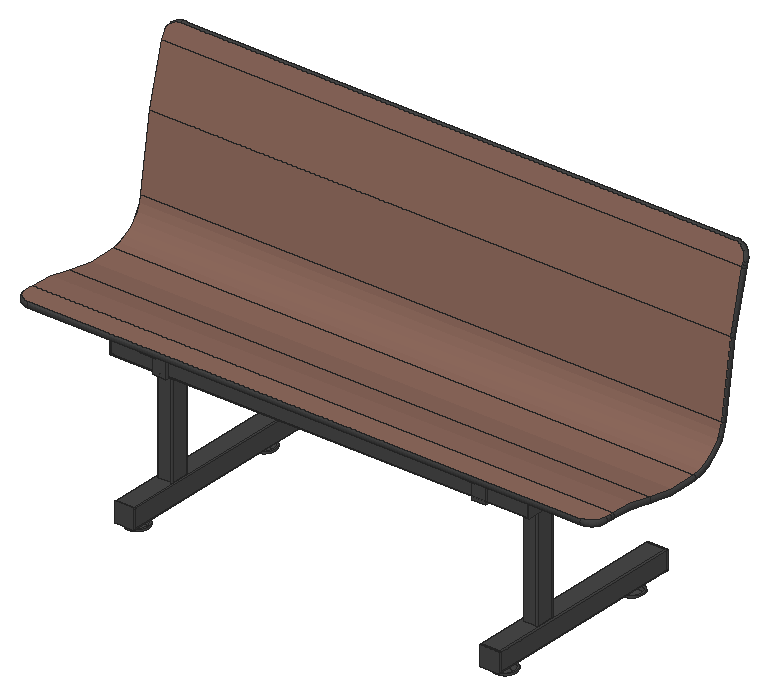
Revit family "Plymold-Contour-Freestanding_Bench", category Furniture, Revit 2022
Family settings
  OmniClass Number = 23.40.20.00
  OmniClass Title = General Furniture and Specialties
  Work Plane-Based = No
  Always vertical = Yes
  Cut with Voids When Loaded = No
  Render Appearance Source = Family Geometry
  Shared = No
  Room Calculation Point = No
Parameters (values of type "CBFR059")
  Width = 59"
  URL = "https://plymold.com/"
  Type Comments = "Contour"  # constant formula
  Sustainability = "https://plymold.com/plymolds-sustainability-efforts/"
  Support Finish = PLY - Onyx Black Powdercoat
  Seat Finish = PLY - Wood Mahogany
  Revit File Built By = "https://servex-us.com/servex-revit/"
  Product Documentation Link = "https://plymold.com/product/contour-freestanding-bench/"
  Model = "CBFR059"
  Manufacturer = "Plymold"  # constant formula
  Keynote = "12500"  # constant formula
  Height = 36"
  Glides Finish = PLY - Plastic Black
  Frame Finish = PLY - Onyx Black Powdercoat
  Description = "Contour Freestanding Bench Un - 59\"W x 20 1/2\"D x 36\"H"
  Depth = 20 1/2"
  Default Elevation = 0"
  Cap Finish = PLY - Plastic Black
  Assembly Code = "E2020200"
Types (3): name | Width | Model | Description
  CBFR042 | 42" | "CBFR042" | "Contour Freestanding Bench Un - 42\"W x 20 1/2\"D x 36\"H"
  CBFR047 | 47" | "CBFR047" | "Contour Freestanding Bench Un - 47\"W x 20 1/2\"D x 36\"H"
  CBFR059 | 59" | "CBFR059" | "Contour Freestanding Bench Un - 59\"W x 20 1/2\"D x 36\"H"
Reference planes (in)
  plane 1 "Center Front/Back": y = 0
  plane 2: z = 0
  plane 3 "Center Left/Right": x = 0
  plane 4: x = -29.5
  plane 5: x = 29.5
  plane 6: z = 36
  plane 7: y = 10.25
  plane 8: y = -10.25
  plane 9: y = 11.43856
  plane 10: y = -9.56144
  plane 11: y = -9.68644
  plane 12: y = 11.56356
  plane 13: z = 14.5
  plane 14: z = 14.25
  plane 15: x = 21.00113
  plane 16: x = -21.24887
  plane 17: y = -0.46744
  plane 18: y = -6.65494
  plane 19: y = -8.36395
  plane 20: y = -9.73703
  plane 21: z = 2.5
  plane 22: x = -21.35887
  plane 23: x = 21.11113
Forms (in)
  Extrusion 1, solid, material "PLY - Onyx Black Powdercoat" <- "Frame Finish"
    sketch origin (0, 0, 0) x (1, 0, 0) y (0, 0, 1)
      loop
        arc (-19.52613, 2.5) -> (-19.59684, 2.47071) -> (-19.62613, 2.4) r 0.1
        line (-19.62613, 2.4) -> (-19.62613, 0.6)
        arc (-19.62613, 0.6) -> (-19.59684, 0.52929) -> (-19.52613, 0.5) r 0.1
        line (-19.52613, 0.5) -> (-17.72613, 0.5)
        arc (-17.72613, 0.5) -> (-17.65542, 0.52929) -> (-17.62613, 0.6) r 0.1
        line (-17.62613, 0.6) -> (-17.62613, 2.4)
        arc (-17.62613, 2.4) -> (-17.65542, 2.47071) -> (-17.72613, 2.5) r 0.1
        line (-17.72613, 2.5) -> (-19.52613, 2.5)
      loop
        line (19.27839, 2.5) -> (17.47839, 2.5)
        arc (17.47839, 2.5) -> (17.40768, 2.47071) -> (17.37839, 2.4) r 0.1
        line (17.37839, 2.4) -> (17.37839, 0.6)
        arc (17.37839, 0.6) -> (17.40768, 0.52929) -> (17.47839, 0.5) r 0.1
        line (17.47839, 0.5) -> (19.27839, 0.5)
        arc (19.27839, 0.5) -> (19.34911, 0.52929) -> (19.37839, 0.6) r 0.1
        line (19.37839, 0.6) -> (19.37839, 2.4)
        arc (19.37839, 2.4) -> (19.34911, 2.47071) -> (19.27839, 2.5) r 0.1
    from -11.43856 to 9.56144
  Extrusion 2, solid, material "PLY - Plastic Black" <- "Cap Finish"
    sketch origin (0, 0, 0) x (1, 0, 0) y (0, 0, 1)
      loop
        arc (-19.53613, 2.5) -> (-19.59977, 2.47364) -> (-19.62613, 2.41) r 0.09
        line (-19.62613, 2.41) -> (-19.62613, 0.59)
        arc (-19.62613, 0.59) -> (-19.59977, 0.52636) -> (-19.53613, 0.5) r 0.09
        line (-19.53613, 0.5) -> (-17.71613, 0.5)
        arc (-17.71613, 0.5) -> (-17.65249, 0.52636) -> (-17.62613, 0.59) r 0.09
        line (-17.62613, 0.59) -> (-17.62613, 2.41)
        arc (-17.62613, 2.41) -> (-17.65249, 2.47364) -> (-17.71613, 2.5) r 0.09
        line (-17.71613, 2.5) -> (-19.53613, 2.5)
      loop
        line (19.28839, 2.5) -> (17.46839, 2.5)
        arc (17.46839, 2.5) -> (17.40475, 2.47364) -> (17.37839, 2.41) r 0.09
        line (17.37839, 2.41) -> (17.37839, 0.59)
        arc (17.37839, 0.59) -> (17.40475, 0.52636) -> (17.46839, 0.5) r 0.09
        line (17.46839, 0.5) -> (19.28839, 0.5)
        arc (19.28839, 0.5) -> (19.35203, 0.52636) -> (19.37839, 0.59) r 0.09
        line (19.37839, 0.59) -> (19.37839, 2.41)
        arc (19.37839, 2.41) -> (19.35203, 2.47364) -> (19.28839, 2.5) r 0.09
    from 9.56144 to 9.68644
  Extrusion 3, solid, material "PLY - Plastic Black" <- "Cap Finish"
    sketch origin (0, 16, 0) x (1, 0, 0) y (0, 0, 1)
      loop
        arc (-19.53613, 2.5) -> (-19.59977, 2.47364) -> (-19.62613, 2.41) r 0.09
        line (-19.62613, 2.41) -> (-19.62613, 0.59)
        arc (-19.62613, 0.59) -> (-19.59977, 0.52636) -> (-19.53613, 0.5) r 0.09
        line (-19.53613, 0.5) -> (-17.71613, 0.5)
        arc (-17.71613, 0.5) -> (-17.65249, 0.52636) -> (-17.62613, 0.59) r 0.09
        line (-17.62613, 0.59) -> (-17.62613, 2.41)
        arc (-17.62613, 2.41) -> (-17.65249, 2.47364) -> (-17.71613, 2.5) r 0.09
        line (-17.71613, 2.5) -> (-19.53613, 2.5)
      loop
        line (19.28839, 2.5) -> (17.46839, 2.5)
        arc (17.46839, 2.5) -> (17.40475, 2.47364) -> (17.37839, 2.41) r 0.09
        line (17.37839, 2.41) -> (17.37839, 0.59)
        arc (17.37839, 0.59) -> (17.40475, 0.52636) -> (17.46839, 0.5) r 0.09
        line (17.46839, 0.5) -> (19.28839, 0.5)
        arc (19.28839, 0.5) -> (19.35203, 0.52636) -> (19.37839, 0.59) r 0.09
        line (19.37839, 0.59) -> (19.37839, 2.41)
        arc (19.37839, 2.41) -> (19.35203, 2.47364) -> (19.28839, 2.5) r 0.09
    from 4.43644 to 4.56144
  Extrusion 4, solid, material "PLY - Onyx Black Powdercoat" <- "Frame Finish"
    sketch origin (0, 0, 0) x (1, 0, 0) y (0, 1, 0)
      loop
        arc (-20.75113, -0.43644) -> (-20.83952, -0.47305) -> (-20.87613, -0.56144) r 0.125
        line (-20.87613, -0.56144) -> (-20.87613, -6.56144)
        arc (-20.87613, -6.56144) -> (-20.83952, -6.64982) -> (-20.75113, -6.68644) r 0.125
        line (-20.75113, -6.68644) -> (-16.50113, -6.68644)
        arc (-16.50113, -6.68644) -> (-16.41274, -6.64982) -> (-16.37613, -6.56144) r 0.125
        line (-16.37613, -6.56144) -> (-16.37613, -0.56144)
        arc (-16.37613, -0.56144) -> (-16.41274, -0.47305) -> (-16.50113, -0.43644) r 0.125
        line (-16.50113, -0.43644) -> (-20.75113, -0.43644)
      loop
        line (20.50339, -0.43644) -> (16.25339, -0.43644)
        arc (16.25339, -0.43644) -> (16.16501, -0.47305) -> (16.12839, -0.56144) r 0.125
        line (16.12839, -0.56144) -> (16.12839, -6.56144)
        arc (16.12839, -6.56144) -> (16.16501, -6.64982) -> (16.25339, -6.68644) r 0.125
        line (16.25339, -6.68644) -> (20.50339, -6.68644)
        arc (20.50339, -6.68644) -> (20.59178, -6.64982) -> (20.62839, -6.56144) r 0.125
        line (20.62839, -6.56144) -> (20.62839, -0.56144)
        arc (20.62839, -0.56144) -> (20.59178, -0.47305) -> (20.50339, -0.43644) r 0.125
    from 14.25 to 14.5
  Extrusion 5, solid, material "PLY - Onyx Black Powdercoat" <- "Frame Finish"
    sketch origin (0, 0, 0) x (1, 0, 0) y (0, 0, 1)
      loop
        line (-20.99887, 15.83274) -> (-20.99887, 14.75)
        arc (-20.99887, 14.75) -> (-20.92711, 14.57336) -> (-20.75113, 14.5) r 0.24775
        line (-20.75113, 14.5) -> (-16.50113, 14.5)
        arc (-16.50113, 14.5) -> (-16.32515, 14.57336) -> (-16.25339, 14.75) r 0.24775
        line (-16.25339, 14.75) -> (-16.25339, 15.83274) -> (-16.37839, 15.83274) -> (-16.37839, 14.75)
        arc (-16.37839, 14.75) -> (-16.415, 14.66161) -> (-16.50339, 14.625) r 0.125
        line (-16.50339, 14.625) -> (-20.74887, 14.625)
        arc (-20.74887, 14.625) -> (-20.83726, 14.66161) -> (-20.87387, 14.75) r 0.125
        line (-20.87387, 14.75) -> (-20.87387, 15.83274) -> (-20.99887, 15.83274)
      loop
        line (16.00566, 15.83274) -> (16.00566, 14.75)
        arc (16.00566, 14.75) -> (16.07742, 14.57336) -> (16.25339, 14.5) r 0.24775
        line (16.25339, 14.5) -> (20.50339, 14.5)
        arc (20.50339, 14.5) -> (20.67937, 14.57336) -> (20.75113, 14.75) r 0.24775
        line (20.75113, 14.75) -> (20.75113, 15.83274) -> (20.62613, 15.83274) -> (20.62613, 14.75)
        arc (20.62613, 14.75) -> (20.58952, 14.66161) -> (20.50113, 14.625) r 0.125
        line (20.50113, 14.625) -> (16.25566, 14.625)
        arc (16.25566, 14.625) -> (16.16727, 14.66161) -> (16.13066, 14.75) r 0.125
        line (16.13066, 14.75) -> (16.13066, 15.83274) -> (16.00566, 15.83274)
    from 0.46794 to 6.65494
  Extrusion 6, solid, material "PLY - Onyx Black Powdercoat" <- "Frame Finish"
    sketch origin (0, 0, 0) x (1, 0, 0) y (0, 0, 1)
      loop
        arc (-0.74887, 16) -> (-0.83726, 15.96339) -> (-0.87387, 15.875) r 0.125
        line (-0.87387, 15.875) -> (-0.87387, 14.625)
        arc (-0.87387, 14.625) -> (-0.83726, 14.53661) -> (-0.74887, 14.5) r 0.125
        line (-0.74887, 14.5) -> (0.50113, 14.5)
        arc (0.50113, 14.5) -> (0.58952, 14.53661) -> (0.62613, 14.625) r 0.125
        line (0.62613, 14.625) -> (0.62613, 15.875)
        arc (0.62613, 15.875) -> (0.58952, 15.96339) -> (0.50113, 16) r 0.125
        line (0.50113, 16) -> (-0.74887, 16)
    from 0.46744 to 6.65494
  Extrusion 7, solid, material "PLY - Onyx Black Powdercoat" <- "Frame Finish"
    sketch origin (0, 0, 0) x (0, 1, 0) y (0, 0, 1)
      loop
        line (0.90644, 16.00127) -> (-0.34244, 16.00127)
        arc (-0.34244, 16.00127) -> (-0.43082, 15.96466) -> (-0.46744, 15.87627) r 0.125
        line (-0.46744, 15.87627) -> (-0.46744, 14.6)
        arc (-0.46744, 14.6) -> (-0.43815, 14.52929) -> (-0.36744, 14.5) r 0.1
        line (-0.36744, 14.5) -> (0.93194, 14.5)
        arc (0.93194, 14.5) -> (1.00274, 14.52932) -> (1.03206, 14.60012) r 0.10012
        line (1.03206, 14.60012) -> (1.03206, 15.87564)
        arc (1.03206, 15.87564) -> (0.99527, 15.96447) -> (0.90644, 16.00127) r 0.12563
      loop
        line (-6.77994, 16) -> (-8.02994, 16)
        arc (-8.02994, 16) -> (-8.11832, 15.96339) -> (-8.15494, 15.875) r 0.125
        line (-8.15494, 15.875) -> (-8.15494, 14.6)
        arc (-8.15494, 14.6) -> (-8.12565, 14.52929) -> (-8.05494, 14.5) r 0.1
        line (-8.05494, 14.5) -> (-6.75494, 14.5)
        arc (-6.75494, 14.5) -> (-6.68423, 14.52929) -> (-6.65494, 14.6) r 0.1
        line (-6.65494, 14.6) -> (-6.65494, 15.875)
        arc (-6.65494, 15.875) -> (-6.69155, 15.96339) -> (-6.77994, 16) r 0.125
    from -21.24887 to 21.00113
  Extrusion 8, solid, material "PLY - Onyx Black Powdercoat" <- "Frame Finish"
    sketch origin (0, 0, 0) x (1, 0, 0) y (0, 1, 0)
      loop
        arc (-19.22363, -2.55794) -> (-19.33394, -2.60363) -> (-19.37963, -2.71394) r 0.156
        line (-19.37963, -2.71394) -> (-19.37963, -4.40894)
        arc (-19.37963, -4.40894) -> (-19.33394, -4.51924) -> (-19.22363, -4.56494) r 0.156
        line (-19.22363, -4.56494) -> (-18.02863, -4.56494)
        arc (-18.02863, -4.56494) -> (-17.91832, -4.51924) -> (-17.87263, -4.40894) r 0.156
        line (-17.87263, -4.40894) -> (-17.87263, -2.71394)
        arc (-17.87263, -2.71394) -> (-17.91832, -2.60363) -> (-18.02863, -2.55794) r 0.156
        line (-18.02863, -2.55794) -> (-19.22363, -2.55794)
      loop
        line (18.97589, -2.55794) -> (17.78089, -2.55794)
        arc (17.78089, -2.55794) -> (17.67059, -2.60363) -> (17.62489, -2.71394) r 0.156
        line (17.62489, -2.71394) -> (17.62489, -4.40894)
        arc (17.62489, -4.40894) -> (17.67059, -4.51924) -> (17.78089, -4.56494) r 0.156
        line (17.78089, -4.56494) -> (18.97589, -4.56494)
        arc (18.97589, -4.56494) -> (19.0862, -4.51924) -> (19.13189, -4.40894) r 0.156
        line (19.13189, -4.40894) -> (19.13189, -2.71394)
        arc (19.13189, -2.71394) -> (19.0862, -2.60363) -> (18.97589, -2.55794) r 0.156
    from 2.5 to 14.25
  Extrusion 9, solid, material "PLY - Plastic Black" <- "Cap Finish"
    sketch origin (0, 0, 0) x (0, 1, 0) y (0, 0, 1)
      loop
        line (0.93039, 16.00127) -> (-0.3585, 16.00127)
        arc (-0.3585, 16.00127) -> (-0.43553, 15.96936) -> (-0.46744, 15.89233) r 0.10894
        line (-0.46744, 15.89233) -> (-0.46744, 14.59972)
        arc (-0.46744, 14.59972) -> (-0.43823, 14.52921) -> (-0.36771, 14.5) r 0.09972
        line (-0.36771, 14.5) -> (0.93184, 14.5)
        arc (0.93184, 14.5) -> (1.00271, 14.52936) -> (1.03206, 14.60023) r 0.10023
        line (1.03206, 14.60023) -> (1.03206, 15.8996)
        arc (1.03206, 15.8996) -> (1.00229, 15.97149) -> (0.93039, 16.00127) r 0.10167
      loop
        arc (-8.05327, 16.00127) -> (-8.12516, 15.97149) -> (-8.15494, 15.8996) r 0.10167
        line (-8.15494, 15.8996) -> (-8.15494, 14.60023)
        arc (-8.15494, 14.60023) -> (-8.12558, 14.52936) -> (-8.05471, 14.5) r 0.10023
        line (-8.05471, 14.5) -> (-6.75516, 14.5)
        arc (-6.75516, 14.5) -> (-6.68464, 14.52921) -> (-6.65544, 14.59972) r 0.09972
        line (-6.65544, 14.59972) -> (-6.65544, 15.89233)
        arc (-6.65544, 15.89233) -> (-6.68734, 15.96936) -> (-6.76437, 16.00127) r 0.10894
        line (-6.76437, 16.00127) -> (-8.05327, 16.00127)
    from -21.24887 to -21.35887
  Extrusion 10, solid, material "PLY - Plastic Black" <- "Cap Finish"
    sketch origin (0, 0, 0) x (0, 1, 0) y (0, 0, -1)
      loop
        arc (0.93039, -16.00127) -> (1.00229, -15.97149) -> (1.03206, -15.8996) r 0.10167
        line (1.03206, -15.8996) -> (1.03206, -14.60023)
        arc (1.03206, -14.60023) -> (1.00271, -14.52936) -> (0.93184, -14.5) r 0.10023
        line (0.93184, -14.5) -> (-0.36771, -14.5)
        arc (-0.36771, -14.5) -> (-0.43823, -14.52921) -> (-0.46744, -14.59972) r 0.09972
        line (-0.46744, -14.59972) -> (-0.46744, -15.89233)
        arc (-0.46744, -15.89233) -> (-0.43553, -15.96936) -> (-0.3585, -16.00127) r 0.10894
        line (-0.3585, -16.00127) -> (0.93039, -16.00127)
      loop
        line (-8.05327, -16.00127) -> (-6.76437, -16.00127)
        arc (-6.76437, -16.00127) -> (-6.68734, -15.96936) -> (-6.65544, -15.89233) r 0.10894
        line (-6.65544, -15.89233) -> (-6.65544, -14.59972)
        arc (-6.65544, -14.59972) -> (-6.68464, -14.52921) -> (-6.75516, -14.5) r 0.09972
        line (-6.75516, -14.5) -> (-8.05471, -14.5)
        arc (-8.05471, -14.5) -> (-8.12558, -14.52936) -> (-8.15494, -14.60023) r 0.10023
        line (-8.15494, -14.60023) -> (-8.15494, -15.8996)
        arc (-8.15494, -15.8996) -> (-8.12516, -15.97149) -> (-8.05327, -16.00127) r 0.10167
    from -21.00113 to -21.11113
Lines and regions (in)
  symbolic lines
    curve 1: line (-19.62613, 11.56356, 0) -> (-19.62613, 9.68024, 0)
    curve 2: line (-17.62613, 11.56356, 0) -> (-17.62613, 9.68024, 0)
    curve 3: line (-19.62613, 11.56356, 0) -> (-17.62613, 11.56356, 0)
    curve 4: line (17.37839, 11.56356, 0) -> (17.37839, 9.68024, 0)
    curve 5: line (19.37839, 11.56356, 0) -> (19.37839, 9.68024, 0)
    curve 6: line (17.37839, 11.56356, 0) -> (19.37839, 11.56356, 0)
    curve 7: line (19.37839, 11.43856, 0) -> (17.37839, 11.43856, 0)
    curve 8: line (-17.62613, 11.43856, 0) -> (-19.62613, 11.43856, 0)
  symbolic lines, style "FurnitureHiddenLines", detail levels medium+fine
    curve 9: line (-19.62613, 9.68024, 0) -> (-19.62613, -9.68644, 0)
    curve 10: line (-19.62613, -9.68644, 0) -> (-17.62613, -9.68644, 0)
    curve 11: line (-17.62613, -9.68644, 0) -> (-17.62613, 9.68024, 0)
    curve 12: line (-21.35887, 1.03206, 0) -> (21.11113, 1.03206, 0)
    curve 13: line (21.11113, -0.46744, 0) -> (21.11113, 1.03206, 0)
    curve 14: line (21.11113, -0.46744, 0) -> (-21.35887, -0.46744, 0)
    curve 15: line (-21.35887, -0.46744, 0) -> (-21.35887, 1.03206, 0)
    curve 16: line (-21.35887, -6.65544, 0) -> (-21.35887, -8.15494, 0)
    curve 17: line (-21.35887, -8.15494, 0) -> (21.11113, -8.15494, 0)
    curve 18: line (21.11113, -8.15494, 0) -> (21.11113, -6.65544, 0)
    curve 19: line (21.11113, -6.65544, 0) -> (-21.35887, -6.65544, 0)
    curve 20: line (-0.87387, -0.46744, 0) -> (-0.87387, -6.65544, 0)
    curve 21: line (0.62613, -0.46744, 0) -> (0.62613, -6.65544, 0)
    curve 22: line (17.37839, 9.68024, 0) -> (17.37839, -9.68644, 0)
    curve 23: line (17.37839, -9.68644, 0) -> (19.37839, -9.68644, 0)
    curve 24: line (19.37839, -9.68644, 0) -> (19.37839, 9.68024, 0)
Dimensions and locks (in)
  "Height": plane 6 to plane 2
  equal spacing: plane 8, plane 1 "Center Front/Back", plane 7
  "Depth": plane 7 to plane 8
  equal spacing: plane 4, plane 3 "Center Left/Right", plane 5
  "Width": plane 4 to plane 5
  Extrusion 1 sketch curve to Extrusion 1 sketch curve to plane 4 = 1.8" locked, 9.97387" locked  (x2)
  Extrusion 1 sketch curve to Extrusion 1 sketch curve to plane 2 = 1.8" locked, 0.6" locked  (x3)
  locked: plane 9 to plane 7 at 1.18856
  plane 10 to plane 11 to plane 8 = 1/8" locked, 0.56356" locked
  plane 4 to Extrusion 2 sketch curve to Extrusion 2 sketch curve = 9.96387" locked, 1.82" locked  (x2)
  Extrusion 2 sketch curve to Extrusion 2 sketch curve to plane 2 = 1.82" locked, 0.59" locked  (x4)
  plane 4 to Extrusion 3 sketch curve to Extrusion 3 sketch curve = 9.96387" locked, 1.82" locked
  Extrusion 3 sketch curve to Extrusion 3 sketch curve to plane 4 = 1.82" locked, 9.96387" locked
  Extrusion 3 sketch curve to Extrusion 3 sketch curve to plane 2 = 1.82" locked, 0.59" locked  (x2)
  plane 2 to Extrusion 3 sketch curve to Extrusion 3 sketch curve = 0.59" locked, 1.82" locked
  Extrusion 4 sketch curve to Extrusion 4 sketch curve to plane 5 = 4 1/4" locked, 8.99661" locked  (x2)
  Extrusion 4 sketch curve to Extrusion 4 sketch curve to plane 1 "Center Front/Back" = 6" locked, 0.56144" locked  (x4)
  plane 4 to Extrusion 4 sketch curve to Extrusion 4 sketch curve = 8.74887" locked, 4 1/4" locked  (x2)
  Extrusion 2 sketch curve to Extrusion 2 sketch curve to plane 5 = 1.82" locked, 10.21161" locked  (x2)
  Extrusion 1 sketch curve to Extrusion 1 sketch curve to plane 5 = 1.8" locked, 10.22161" locked  (x2)
  plane 2 to Extrusion 1 sketch curve to Extrusion 1 sketch curve = 0.6" locked, 1.8" locked
  Extrusion 3 sketch curve to Extrusion 3 sketch curve to plane 5 = 1.82" locked, 10.21161" locked  (x2)
  Extrusion 3 sketch curve to Extrusion 3 sketch curve to plane 2 = 1.82" locked, 0.59"
  Extrusion 5 sketch curve to Extrusion 5 sketch curve to Extrusion 5 sketch curve to plane 2 = 1.08274" locked, 0.00225" locked, 14.74775" locked  (x4)
  Extrusion 5 sketch curve to Extrusion 5 sketch curve to Extrusion 5 sketch curve to Extrusion 5 sketch curve to plane 4 = 0.00226" locked, 4.24548" locked, 0.00226" locked, 8.74887" locked
  Extrusion 5 sketch curve to Extrusion 5 sketch curve to Extrusion 5 sketch curve to Extrusion 5 sketch curve to plane 5 = 0.00226" locked, 4.24548" locked, 0.00226" locked, 8.99661" locked
  Extrusion 6 sketch curve to plane 3 "Center Left/Right" to Extrusion 6 sketch curve = 0.50113", 0.74887"
  Extrusion 6 sketch curve to plane 3 "Center Left/Right" to Extrusion 6 sketch curve = 0.50113" locked, 0.74887" locked
  Extrusion 6 sketch curve to Extrusion 6 sketch curve to plane 2 = 1 1/4" locked, 14 5/8" locked  (x2)
  Extrusion 7 sketch curve to plane 1 "Center Front/Back" to Extrusion 7 sketch curve to Extrusion 7 sketch curve to Extrusion 7 sketch curve = 0.93194" locked, 0.36744" locked, 6.3875" locked, 1.3" locked
  Extrusion 7 sketch curve to Extrusion 7 sketch curve to plane 2 = 1.27552" locked, 14.60012" locked
  locked: Extrusion 7 sketch curve to plane 2 at 14.6  (x2)
  Extrusion 7 sketch curve to Extrusion 7 sketch curve to plane 2 = 1.275" locked, 14.6" locked
  Extrusion 7 sketch curve to plane 1 "Center Front/Back" to Extrusion 7 sketch curve to Extrusion 7 sketch curve to Extrusion 7 sketch curve = 0.90644" locked, 0.34244" locked, 6 7/16" locked, 1 1/4" locked
  plane 1 "Center Front/Back" to plane 17 to plane 18 to plane 19 to plane 20 = 0.46744" locked, 6 3/16" locked, 1.70901", 1.37308" locked
  Extrusion 8 sketch curve to Extrusion 8 sketch curve to plane 5 = 1.195" locked, 10.52411" locked  (x2)
  Extrusion 8 sketch curve to Extrusion 8 sketch curve to plane 4 = 1.195" locked, 10.27637" locked  (x2)
  plane 13 to plane 14 to plane 21 to plane 2 = 1/4" locked, 11 3/4" locked, 2 1/2" locked
  Extrusion 9 sketch curve to Extrusion 9 sketch curve to Extrusion 9 sketch curve to plane 1 "Center Front/Back" to Extrusion 9 sketch curve = 1.28889", 6.40587", 0.3585", 0.93039"
  Extrusion 9 sketch curve to plane 1 "Center Front/Back" to Extrusion 9 sketch curve to Extrusion 9 sketch curve to Extrusion 9 sketch curve = 0.93184", 0.36771", 6.38745", 1.29955"
  Extrusion 9 sketch curve to Extrusion 9 sketch curve to plane 2 = 1.29937" locked, 14.60023" locked  (x2)
  Extrusion 9 sketch curve to Extrusion 9 sketch curve to plane 2 = 1.29261" locked, 14.59972" locked  (x2)
  Extrusion 10 sketch curve to Extrusion 10 sketch curve to Extrusion 10 sketch curve to plane 1 "Center Front/Back" to Extrusion 10 sketch curve = 1.28889", 6.40587", 0.3585", 0.93039"
  Extrusion 10 sketch curve to plane 1 "Center Front/Back" to Extrusion 10 sketch curve to Extrusion 10 sketch curve to Extrusion 10 sketch curve = 0.93184" locked, 0.36771" locked, 6.38745" locked, 1.29955" locked
  Extrusion 10 sketch curve to Extrusion 10 sketch curve to plane 2 = 1.29937" locked, 14.60023" locked  (x2)
  Extrusion 10 sketch curve to Extrusion 10 sketch curve to plane 2 = 1.29261" locked, 14.59972" locked
  Extrusion 10 sketch curve to Extrusion 10 sketch curve to plane 21 = 1.29261" locked, 12.09972" locked
  plane 15 to plane 23 to plane 5 = 0.11" locked, 8.38887" locked
  plane 4 to plane 22 to plane 16 = 8.14113" locked, 0.11" locked
  locked: nested 2 to plane 16 at 5.06387
  locked: plane 15 to nested 3 at 4.81613
  locked: nested 4 to plane 4 at 10.87387
  locked: nested 4 to plane 8 at 2.24856
  locked: nested 5 to plane 5 at 10.87387
  locked: plane 8 to nested 5 at 2.18406
  locked: plane 7 to nested 6 at 2.24856
  locked: nested 7 to plane 7 at 2.18406
  locked: plane 5 to nested 7 at 10.87387
  locked: plane 4 to nested 6 at 10.87387
  aligned and locked: plane 2 to level
  aligned and locked: plane 10 to Extrusion 1
  aligned and locked: Extrusion 1 to plane 9
  aligned and locked: Extrusion 2 to plane 10
  aligned and locked: plane 9 to Extrusion 3
  aligned and locked: Extrusion 3 to plane 12
  aligned and locked: plane 13 to Extrusion 4
  aligned and locked: Extrusion 4 to plane 14
  aligned and locked: Extrusion 5 sketch curve to plane 13  (x2)
  aligned and locked: Extrusion 6 sketch curve to plane 13
  aligned and locked: Extrusion 6 to plane 18
  aligned and locked: Extrusion 6 to plane 17
  aligned and locked: plane 17 to Extrusion 7 sketch curve
  aligned and locked: plane 18 to Extrusion 7 sketch curve
  aligned and locked: Extrusion 7 sketch curve to plane 13  (x2)
  aligned and locked: plane 15 to Extrusion 7
  aligned and locked: plane 16 to Extrusion 7
  aligned and locked: plane 14 to Extrusion 8
  aligned and locked: Extrusion 8 to plane 21
  aligned and locked: Extrusion 9 to plane 16
  aligned and locked: plane 22 to Extrusion 9
  aligned and locked: Extrusion 10 to plane 15
  aligned and locked: Extrusion 10 to plane 23
  aligned and locked: curve 1 to Extrusion 3
  aligned and locked: curve 2 to Extrusion 3
  aligned and locked: curve 4 to Extrusion 3
  aligned and locked: curve 5 to Extrusion 3
  aligned and locked: curve 6 to Extrusion 3
  aligned and locked: curve 7 to Extrusion 1
  aligned and locked: Extrusion 1 to curve 8
  aligned and locked: curve 11 to Extrusion 2
  aligned and locked: Extrusion 10 to curve 13
  aligned and locked: curve 20 to Extrusion 6
  aligned and locked: curve 14 to curve 21
  aligned and locked: curve 21 to Extrusion 6
  aligned and locked: plane 3 "Center Left/Right" to nested 1
  aligned and locked: plane 1 "Center Front/Back" to nested 1
Automatic sketch dimensions
  Extrusion 1 sketch curve to plane 21 = 0"  (x2)
  Extrusion 2 sketch curve to plane 21 = 0"  (x2)
  Extrusion 3 sketch curve to plane 21 = 0"  (x2)
  Extrusion 4 sketch curve to Extrusion 4 sketch curve = 1/8"  (x2)
  Extrusion 5 sketch curve to plane 16 = 3/8"
  Extrusion 5 sketch curve to Extrusion 5 sketch curve = 1/8"  (x4)
  Extrusion 5 sketch curve to Extrusion 5 sketch curve = 1/4"
  Extrusion 8 sketch curve to Extrusion 8 sketch curve = 0.156"  (x4)
  plane 18 to Extrusion 8 sketch curve = 2.09"  (x2)
  Extrusion 8 sketch curve to Extrusion 8 sketch curve = 1.695"  (x2)
  Extrusion 9 sketch curve to plane 17 = 0"
  Extrusion 9 sketch curve to plane 13 = 0"
  Extrusion 10 sketch curve to plane 17 = 0"
  Extrusion 10 sketch curve to plane 13 = 0"
  curve 19 to plane 22 = 0"
  curve 15 to plane 22 = 0"
  curve 10 to plane 11 = 0"
  curve 22 to plane 11 = 0"
  curve 18 to plane 23 = 0"
  plane 17 to curve 15 = 0"
  plane 12 to curve 2 = 0"
  curve 17 to plane 19 = 0.20901"
  curve 18 to plane 18 = 0.0005"
  curve 12 to plane 1 "Center Front/Back" = 1.03206"
  curve 2 to plane 7 = 0.56976"
  curve 1 to plane 7 = 0.56976"
  curve 22 to plane 7 = 0.56976"
  curve 5 to plane 7 = 0.56976"
Nested families (in)
  nested 1: "Seat" at (0, 0, 0), Width <- "Width", Seat Finish <- "Seat Finish", type "Seat"
    with Width 59", Seat Finish PLY - Wood Mahogany
  nested 2: "Support" at (-16.185, -9.73703, -0.19567), Support Finish <- "Support Finish", type "Support"
    with Support Finish PLY - Onyx Black Powdercoat
  nested 3: "Support" at (16.185, -9.73703, -0.19567) x (-1, 0, 0) z (0, 0, 1), Support Finish <- "Support Finish", type "Support"
    with Support Finish PLY - Onyx Black Powdercoat
  nested 4: "Glide" at (-18.62613, -8.00144, 0), Glides Finish <- "Glides Finish", type "Glide"
    with Glides Finish PLY - Plastic Black
  nested 5: "Glide" at (18.62613, -8.06594, 0), Glides Finish <- "Glides Finish", type "Glide"
    with Glides Finish PLY - Plastic Black
  nested 6: "Glide" at (-18.62613, 8.00144, 0), Glides Finish <- "Glides Finish", type "Glide"
    with Glides Finish PLY - Plastic Black
  nested 7: "Glide" at (18.62613, 8.06594, 0), Glides Finish <- "Glides Finish", type "Glide"
    with Glides Finish PLY - Plastic Black
Definition of nested family "Seat"
  Parameters (values of type "Seat")
    Width [instance] = 42"
    URL = ""
    Type Comments = ""
    Seat Finish [instance] = none
    Revit File Built By = ""
    Model = ""
    Manufacturer = ""
    Keynote = ""
    Height = 36"
    Description = ""
    Depth = 20 1/2"
    Default Elevation = 0"
    Assembly Code = ""
  Reference planes (in)
    plane 1 "Center Front/Back": y = 0
    plane 2: z = 0
    plane 3 "Center Left/Right": x = 0
    plane 4: x = -21
    plane 5: x = 21
    plane 6: z = 36
    plane 7: y = 10.25
    plane 8: y = -10.25
    plane 9: z = 14.5
    plane 10: z = 14.25
    plane 11: z = 2.5
    plane 12: through (0, 9.58758, 34.11925) normal (0, 0.3531, 0.9356)
    plane 13: through (0, 5.3357, 35.21098) normal (0, 0.9356, -0.3531)
  Forms (in)
    Sweep 1, solid, material <- "Seat Finish"
      path origin (0, 0, 0) x (0, 1, 0) y (0, 0, 1)
        loop
          line (9.14625, 32.94975) -> (9.05799, 32.71585)
          arc (9.05799, 32.71585) -> (8.18189, 29.97572) -> (7.59152, 27.16017) r 28.00536
          arc (7.59152, 27.16017) -> (7.02317, 23.5541) -> (6.44749, 19.94918) r 1794.73758
          arc (6.44749, 19.94918) -> (5.10417, 17.4011) -> (2.49079, 16.18968) r 4.5
          arc (2.49079, 16.18968) -> (-0.46121, 16.14884) -> (-3.36839, 16.66297) r 15.65414
          arc (-3.36839, 16.66297) -> (-5.60505, 17.12128) -> (-7.883, 17.27497) r 16.95769
          line (-7.883, 17.27497) -> (-8.2304, 17.27497)
      profile origin (0, -8.0567, 17.27497) x (0, 0, -1) y (1, 0, 0)
        loop
          arc (0, 20.875) -> (-0.28201, 21) -> (-0.56402, 20.875) r 0.38062
          line (-0.56402, 20.875) -> (-0.56402, -20.875)
          arc (-0.56402, -20.875) -> (-0.28201, -21) -> (0, -20.875) r 0.38062
          line (0, -20.875) -> (0, 20.875)
    Sweep 2, solid, material <- "Seat Finish"
      path origin (0, 5.3357, 35.21098) x (0, -0.353061, -0.9356) y (-1, 0, 0)
        loop
          line (0.77025, 21) -> (0.52719, 21)
          arc (0.52719, 21) -> (-0.53347, 20.56066) -> (-0.97281, 19.5) r 1.5
          line (-0.97281, 19.5) -> (-0.97281, -19.5)
          arc (-0.97281, -19.5) -> (-0.53347, -20.56066) -> (0.52719, -21) r 1.5
          line (0.52719, -21) -> (0.77025, -21)
      profile origin (0, 5.67916, 36.12114) x (0, -0.353061, -0.9356) y (0, 0.9356, -0.353061)
        loop
          line (0.49306, 4.36351) -> (0.125, 4.36351)
          arc (0.125, 4.36351) -> (-0.00007, 4.0815) -> (0.125, 3.79949) r 0.38048
          line (0.125, 3.79949) -> (0.49306, 3.79949) -> (0.49306, 4.36351)
    Sweep 3, solid, material <- "Seat Finish"
      path origin (0, 0, 0) x (1, 0, 0) y (0, 1, 0)
        loop
          line (-21, -8.2304) -> (-21, -8.75)
          arc (-21, -8.75) -> (-20.56066, -9.81066) -> (-19.5, -10.25) r 1.5
          line (-19.5, -10.25) -> (19.5, -10.25)
          arc (19.5, -10.25) -> (20.56066, -9.81066) -> (21, -8.75) r 1.5
          line (21, -8.75) -> (21, -8.2304)
      profile origin (0, -10.25, 0) x (0, 1, 0) y (0, 0, 1)
        loop
          line (0.35779, 17.83899) -> (0.125, 17.83899)
          arc (0.125, 17.83899) -> (-0.00029, 17.55698) -> (0.125, 17.27497) r 0.38003
          line (0.125, 17.27497) -> (0.35779, 17.27497) -> (0.35779, 17.83899)
    Extrusion 4, solid, material <- "Seat Finish"
      sketch origin (0, 0, 0) x (1, 0, 0) y (0, 1, 0)
        loop
          line (20.64221, -8.2304) -> (-20.64221, -8.2304) -> (-20.64221, -8.75)
          arc (-20.64221, -8.75) -> (-20.30766, -9.55766) -> (-19.5, -9.89221) r 1.14221
          line (-19.5, -9.89221) -> (19.5, -9.89221)
          arc (19.5, -9.89221) -> (20.30766, -9.55766) -> (20.64221, -8.75) r 1.14221
          line (20.64221, -8.75) -> (20.64221, -8.2304)
      from 17.27497 to 17.83899
    Extrusion 5, solid, material <- "Seat Finish"
      sketch origin (0, 5.3357, 35.21098) x (0, -0.353061, -0.9356) y (-1, 0, 0)
        loop
          arc (0.52719, 20.50694) -> (-0.18482, 20.21201) -> (-0.47975, 19.5) r 1.00694
          line (-0.47975, 19.5) -> (-0.47975, -19.5)
          arc (-0.47975, -19.5) -> (-0.18482, -20.21201) -> (0.52719, -20.50694) r 1.00694
          line (0.52719, -20.50694) -> (0.77025, -20.50694) -> (0.77025, 20.50694) -> (0.52719, 20.50694)
      from 3.79949 to 4.36351
  Cuts and joins
    joined: Sweep 1, Sweep 2, Sweep 3, Extrusion 4, Extrusion 5
  Dimensions and locks (in)
    "Height": plane 6 to plane 2
    equal spacing: plane 8, plane 1 "Center Front/Back", plane 7
    "Depth": plane 7 to plane 8
    equal spacing: plane 4, plane 3 "Center Left/Right", plane 5
    "Width": plane 4 to plane 5
    plane 9 to plane 10 to plane 11 to plane 2 = 1/4" locked, 11 3/4" locked, 2 1/2" locked
    locked: plane 4 to Sweep 2 sketch curve at 1.5
    locked: Sweep 2 sketch curve to plane 5 at 1.5
    locked: Extrusion 5 sketch curve to plane 5 at 1.5
    locked: plane 4 to Extrusion 5 sketch curve at 1.5
    locked: plane 12 to Extrusion 5 sketch curve at 1.25
    locked: plane 4 to Sweep 3 sketch curve at 1.5
    locked: Sweep 3 sketch curve to plane 5 at 1.5
    locked: plane 8 to Sweep 3 sketch curve at 1.5  (x2)
    locked: Sweep 1 sketch curve to plane 5 at 0.38062
    locked: Sweep 1 sketch curve to plane 4 at 0.38062
    aligned and locked: plane 2 to level
    aligned and locked: Sweep 2 sketch curve to plane 4
    aligned and locked: Sweep 2 sketch curve to plane 5
    aligned and locked: plane 5 to Sweep 3 sketch curve
    aligned and locked: plane 8 to Sweep 3 sketch curve
    aligned and locked: Extrusion 5 sketch curve to plane 12
  Automatic sketch dimensions
    plane 12 to Sweep 2 sketch curve = 0.49306"
    Sweep 2 sketch curve to Sweep 2 sketch curve = 0.24306"  (x2)
    plane 6 to Sweep 1 sketch curve = 268.77306"
    plane 8 to Sweep 1 sketch curve = 1755.29527"
    level to Sweep 1 sketch curve = 0.31728"
    Sweep 1 sketch curve to plane 8 = 2.367"
    Sweep 1 sketch curve to plane 1 "Center Front/Back" = 0.79918"
    Sweep 1 sketch curve to plane 1 "Center Front/Back" = 2.00452"
    Sweep 1 sketch curve to plane 7 = 1.19201"
    plane 9 to Sweep 1 sketch curve = 8.32826"
    plane 7 to Sweep 1 sketch curve = 25.00981"
    plane 9 to Sweep 1 sketch curve = 2.77497"
    Sweep 1 sketch curve to plane 6 = 3.28415"
    Sweep 1 sketch curve to Sweep 1 sketch curve = 0.34739"
    plane 1 "Center Front/Back" to Sweep 1 sketch curve = 3.36839"
    Sweep 1 sketch curve to Sweep 1 sketch curve = 0"  (x3)
    plane 9 to Sweep 1 sketch curve = 1.68968"
    Sweep 1 sketch curve to Sweep 1 sketch curve = 0.08827"
    Sweep 3 sketch curve to Sweep 3 sketch curve = 0.5196"  (x2)
    plane 4 to Extrusion 4 sketch curve = 0.35779"
    Extrusion 4 sketch curve to plane 8 = 0.35779"
    plane 5 to Extrusion 4 sketch curve = 1 1/2"
    plane 5 to Extrusion 4 sketch curve = 0.35779"
    Extrusion 4 sketch curve to Extrusion 4 sketch curve = 1.14221"
    Extrusion 4 sketch curve to Extrusion 4 sketch curve = 0.5196"
    Extrusion 5 sketch curve to plane 12 = 1.00694"
    Extrusion 5 sketch curve to Extrusion 5 sketch curve = 0.24306"
    Sweep 2 sketch curve to profile plane = 0.38041"
    Sweep 2 sketch curve to Sweep 2 sketch curve = 0.11266"
    plane 13 to Sweep 2 sketch curve = 3.79949"
    Sweep 2 sketch curve to Sweep 2 sketch curve = 0.28201"
    Sweep 2 sketch curve to profile plane = 1/8"  (x2)
    Sweep 1 sketch curve to profile plane = 0"
    profile plane to Sweep 1 sketch curve = 0.28201"
    Sweep 1 sketch curve to Sweep 1 sketch curve = 0.28201"
    Sweep 1 sketch curve to Sweep 1 sketch curve = 0.25562"  (x3)
    Sweep 3 sketch curve to Sweep 3 sketch curve = 0.02195"
    level to Sweep 3 sketch curve = 17.27497"
    Sweep 3 sketch curve to Sweep 3 sketch curve = 0.28201"
    Sweep 3 sketch curve to Sweep 3 sketch curve = 0.23279"
    Sweep 3 sketch curve to profile plane = 1/8"  (x2)
Definition of nested family "Support"
  Parameters (values of type "Support")
    Revit Model Built By = "https://servex-us.com/servex-revit/"
    Support Finish [instance] = none
    Default Elevation = 0"
  Reference planes (in)
    plane 1 "Center (Front/Back)": y = 0
    plane 2: z = 0
    plane 3 "Center (Left/Right)": x = 0
  Forms (in)
    Extrusion 1, solid, material <- "Support Finish"
      sketch origin (7.194, 9.73703, 0.19567) x (0, 1, 0) y (0, 0, 1)
        loop
          line (-6.15494, 14.5) -> (-8.15494, 14.5) -> (-8.15494, 17.26089) -> (-9.72353, 17.17869) -> (-9.71647, 17.04387) -> (-8.28994, 17.11863) -> (-8.28994, 14.365) -> (-6.15494, 14.365) -> (-6.15494, 14.5)
      from -7.8815 to -6.5065
    Blend 2, solid, material <- "Support Finish"
      base sketch origin (7.194, 9.73703, 0.19567) x (1, 0, 0) y (0, 0, 1)
        loop
          line (-9.4465, 17.13715) -> (-8.11649, 17.13715) -> (-7.93649, 16.98137) -> (-6.45651, 16.98137) -> (-6.27651, 17.13715) -> (-4.9465, 17.13715) -> (-4.9465, 17.27097) -> (-6.3265, 17.27097) -> (-6.5065, 17.11519) -> (-7.8865, 17.11519) -> (-8.0665, 17.27097) -> (-9.4465, 17.27097) -> (-9.4465, 17.13715)
      top sketch origin (7.194, 9.73703, 0.19567) x (1, 0, 0) y (0, 0, 1)
        loop
          line (-9.4465, 17.19834) -> (-9.4465, 17.06453) -> (-8.11649, 17.06453) -> (-7.93649, 16.90875) -> (-6.45651, 16.90875) -> (-6.27651, 17.06453) -> (-4.9465, 17.06453) -> (-4.9465, 17.19834) -> (-6.3265, 17.19834) -> (-6.5065, 17.04256) -> (-7.8865, 17.04256) -> (-8.0665, 17.19834) -> (-9.4465, 17.19834)
      from 8.36395 to 9.73703
    Extrusion 3, solid, material <- "Support Finish"
      sketch origin (-0.0025, 9.26424, 14.56067) x (0, 1, 0) y (0, 0, 1)
        loop
          line (1.56923, 1.34533) -> (1.68319, 1.36338) -> (1.68319, 1.43881) -> (1.48775, 1.40785) -> (1.62789, 0.0745) -> (0.06539, 0.0745) -> (0.01087, 0.38373) -> (-0.0625, 0.37079) -> (0.00288, 0) -> (1.71063, 0) -> (1.56923, 1.34533)
      from -0.6875 to 0.6875
    Blend 4, solid, material <- "Support Finish"
      base sketch origin (-0.0025, 9.26424, 14.56067) x (1, 0, 0) y (0, 0, 1)
        loop
          line (-2.25, 1.64413) -> (-2.25, 1.51664) -> (-0.91999, 1.51664) -> (-0.73999, 1.36131) -> (0.73999, 1.36131) -> (0.91999, 1.51664) -> (2.25, 1.51664) -> (2.25, 1.64413) -> (0.91999, 1.64413) -> (0.73999, 1.4888) -> (-0.73999, 1.4888) -> (-0.91999, 1.64413) -> (-2.25, 1.64413)
      top sketch origin (-0.0025, 9.26424, 14.56067) x (1, 0, 0) y (0, 0, 1)
        loop
          line (-2.25, 1.65006) -> (-0.87, 1.65006) -> (-0.69, 1.49473) -> (0.69, 1.49473) -> (0.87, 1.65006) -> (2.25, 1.65006) -> (2.25, 1.77755) -> (0.87, 1.77755) -> (0.69, 1.62222) -> (-0.69, 1.62222) -> (-0.87, 1.77755) -> (-2.25, 1.77755) -> (-2.25, 1.65006)
      from -1.68319 to -3.06469
  Dimensions and locks (in)
    Blend 2 sketch curve to Blend 2 sketch curve to Blend 2 sketch curve to Blend 2 sketch curve to Blend 2 sketch curve to Blend 2 sketch curve to Blend 2 sketch curve to Blend 2 sketch curve to Blend 2 sketch curve to Blend 2 sketch curve = 1.33001" locked, 0.04999" locked, 0.13001" locked, 0.04999" locked, 1.38" locked, 0.04999" locked, 0.13001" locked, 0.04999" locked, 1.33001" locked  (x2)
    aligned and locked: plane 2 to level
Definition of nested family "Glide"
  Parameters (values of type "Glide")
    Revit Model Built By = "https://servex-us.com/servex-revit/"
    Glides Finish [instance] = none
    Default Elevation = 0"
  Reference planes (in)
    plane 1 "Center (Front/Back)": y = 0
    plane 2: z = 0
    plane 3 "Center (Left/Right)": x = 0
  Forms (in)
    Extrusion 1, solid, material <- "Glides Finish"
      sketch origin (27.87221, -11.024, 15.875) x (-0.720369, -0.693591, 0) y (0.693591, -0.720369, 0)
        loop
          line (12.27974, -28.36016) -> (13.37471, -28.52976)
          arc (13.37471, -28.52976) -> (13.64532, -28.44132) -> (13.73375, -28.17071) r 0.3146
          line (13.73375, -28.17071) -> (13.56416, -27.07574)
          arc (13.56416, -27.07574) -> (11.6562, -26.4522) -> (12.27974, -28.36016) r 1.12543
      from -15.875 to -15.725
    Revolve 2, solid, material <- "Glides Finish"
      sketch origin (9.978, 1.70954, 0) x (0.985095, 0.172009, 0) y (0, 0, 1)
        loop
          line (-9.93863, 0.563) -> (-10.12613, 0.563) -> (-10.12613, 0.15) -> (-9.23318, 0.15)
          arc (-9.23318, 0.15) -> (-9.54076, 0.25365) -> (-9.75208, 0.5) r 0.61205
          line (-9.75208, 0.5) -> (-9.93863, 0.5) -> (-9.93863, 0.563)
        axis (-10.12613, 0.563) -> (-10.12613, 0.15)
      angle from 0 to 360
  Lines and regions (in)
    symbolic lines
      curve 1: line (-0.64408, 0.88869, 0) -> (-1.55049, 0.2514, 0)
      curve 2: arc (-1.55049, 0.2514, 0) -> (-1.68409, 0, 0) -> (-1.56011, -0.25628, 0) r 0.3146
      curve 3: line (-1.56011, -0.25628, 0) -> (-0.67848, -0.92743, 0)
      curve 4: arc (-0.67848, -0.92743, 0) -> (1.12844, -0.05327, 0) -> (-0.64408, 0.88869, 0) r 1.12543
  Dimensions and locks (in)
    locked: Extrusion 1 sketch curve to Extrusion 1 sketch curve at 1.34783
    locked: Extrusion 1 sketch curve to Extrusion 1 sketch curve at 0.26174
    Revolve 2 sketch curve to Revolve 2 sketch curve to Revolve 2 sketch curve = 3/16" locked, 0.74013" locked
    aligned and locked: plane 2 to level
    aligned and locked: Revolve 2 sketch curve to Revolve 2 sketch curve
    aligned and locked: curve 1 to Extrusion 1
    aligned and locked: curve 2 to Extrusion 1
    aligned and locked: curve 3 to Extrusion 1
    aligned and locked: curve 4 to Extrusion 1
